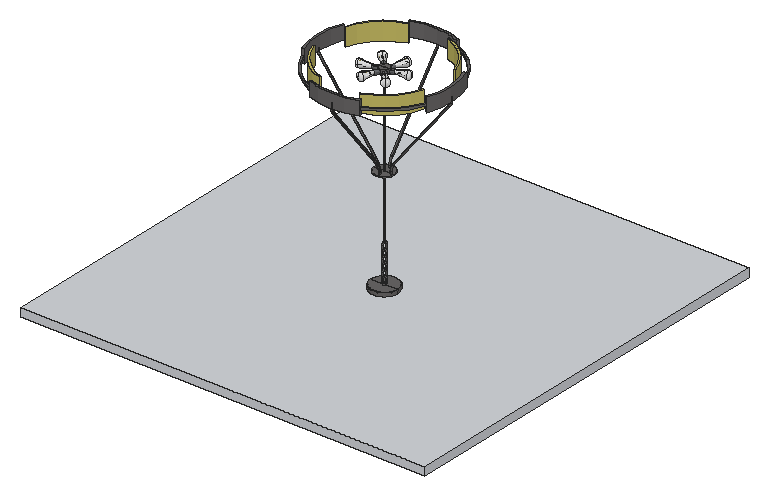
Revit family "P500331-031", category Lighting Fixtures, host Face, Revit 2021
Family settings
  Host = Face
  Round Connector Dimension = Use Diameter
  Part Type = Normal
  OmniClass Number = 23.80.70.11.14.17
  OmniClass Title = Direct/Indirect
  Cut with Voids When Loaded = No
  Light Source = No
  Shared = Yes
  Room Calculation Point = No
Parameters (values of type "P500331-031")
  Wood = Hubbell - Oak
  Watts = 60 W
  Wattage Comments = "60W"
  Warranty = "1 year Warranty"  # constant formula
  Voltage = 120 V
  URL = "https://www.hubbell.com/progresslighting/en"
  Product Link = "https://www.hubbell.com/progresslighting/en/Products/Lighting-Controls/Design-Series/Pendants/Lowery-Collection-Six-Light-Textured-BlackDistressed-Gold-Hanging-Pendant-Light/p/6643574"
  Product Documentation Link = "https://hubbellcdn.com/specsheet/PROG_P500331-031_spec.pdf"
  Power Factor = 1
  Model = "P500331-031"  # constant formula
  Manufacturer = "Progress Lighting"  # constant formula
  Load Classification = Lighting
  Gold = Hubbell - Gold
  Glass = Paint - Hubbell - White Texture
  Lamp = "LED/CFL/incandescent"  # constant formula
  Housing Material = Paint - Hubbell - Textured Camera Black
  Fixture distribution = "Direct"  # constant formula
  Features = "Application: Raise the bar on contemporary design with the Lowery Collection 6-Light Black/Distressed Gold Modern Hanging Pendant Light is ideal for any foyer, dining room, kitchen, breakfast nook, entryway, living room, or sitting room.\r\nStyles: Perfect for contemporary and modern style settings.\r\nFinish: Layered rectangular shields coated in a textured black iron finish are artistically combined with distressed gold leaf panels against a black frame.\r\nMaterials: Constructed from steel to ensure a long product lifespan.\r\nGlass/Shades: Light sources glowing from inside the structure cast a shimmering reflective light that highlights the beautiful contrast between light and dark.\r\nBulbs: For ideal illumination, use 6 medium base bulbs that are sold separately (60w max - LED/CFL/incandescent). Compatible with dimmable bulbs.\r\nDimensions: Measures 31-3/4-inch diameter by 23-3/4-inch height.\r\nCertifications: cULus dry location listed.\r\nPairs With: Pairs with the Adagio, Orrizo, and Rae collections from Progress Lighting.\r\nWarranty: Our 1-Year Limited Warranty guarantees your complete satisfaction with your purchase and includes professional after-sales customer service support."  # constant formula
  Description = "Lowery Collection Six-Light Textured Black/Distressed Gold Hanging Pendant Light"  # constant formula
  Default Elevation = 48.00"
  Copyright = " ©2021 Progress Lighting, a division of Hubbell Lighting, Inc"  # constant formula
  Contact = "https://www.hubbell.com/progresslighting/en/contactUs"
  Connector Description = "Lighting Connector"  # constant formula
  Assembly Code = "D5020200"
  Apparent Load = Watts / Power Factor  # 60 VA
Reference planes (in)
  plane 1 "Center (Front/Back)": y = 0
  plane 2: z = 0
  plane 3 "Center (Left/Right)": x = 0
  plane 4: z = 10.50759
  plane 5: z = 7
  plane 6: z = 48.82477
  plane 7: z = 28.82477
  plane 8: x = 15.88
  plane 9: x = -15.88
  plane 10: y = 15.88
  plane 11: y = -15.88
  plane 12: z = 24.82477
Forms (in)
  Extrusion 1, solid
    sketch origin (0, 0, 0) x (1, 0, 0) y (0, 1, 0)
      loop
        line (-48, 48) -> (-48, -48) -> (48, -48) -> (48, 48) -> (-48, 48)
    from 0 to -2
  Revolve 2, solid, material "Paint - Hubbell - Textured Camera Black" <- "Housing Material"
    sketch origin (0, 0, 0) x (1, 0, 0) y (0, 0, 1)
      loop
        line (0, 0) -> (3.25, 0) -> (3.25, 0.75) -> (3.15389, 0.75) -> (3.15389, 0.83366) -> (0.3208, 0.83366) -> (0.3208, 1.08366) -> (0, 1.08366) -> (0, 0)
      loop
        line (0.1333, 9.7335) -> (0.1333, 24.84381) -> (2.3833, 24.84381) -> (2.3833, 24.99381) -> (0.1333, 24.99381) -> (0.1333, 30.5) -> (0.1333, 46.04564) -> (1.27958, 46.04564) -> (1.34959, 46.04564) -> (1.34959, 46.1435) -> (1.27958, 46.1435) -> (1.27958, 47) -> (0.1333, 47) -> (0, 47) -> (0, 9.7335) -> (0.1333, 9.7335)
      axis (0, 47) -> (0, 0)
    angle from 0 to 360
  Sweep 3, solid, material "Paint - Hubbell - Textured Camera Black" <- "Housing Material"
    path origin (0, 0.25, 0) x (0, -1, 0) y (0, 0, 1)
      loop
        line (15.875, 47) -> (15.875, 45.00039)
        arc (15.875, 45.00039) -> (15.8069, 44.59343) -> (15.61001, 44.23082) r 1.25
        line (15.61001, 44.23082) -> (2.23143, 27.10701)
        arc (2.23143, 27.10701) -> (1.81287, 26.33612) -> (1.66809, 25.47097) r 2.65736
        line (1.66809, 25.47097) -> (1.66809, 24.25091)
    profile origin (0, -15.625, 46.0002) x (-1, 0, 0) y (0, -1, 0)
      loop
        circle (0, 0) r 0.15
  Revolve 4, solid, material "Paint - Hubbell - White Texture"
    sketch origin (-1.59357, -4.84478, 46.6655) x (-0.005393, -0.016598, -0.999848) y (-0.30897, -0.950912, 0.017452)
      loop
        line (0, -7.43773) -> (0, -10.88567)
        spline (0, -10.88567) -> (0.23268, -10.84139) -> (0.40729, -10.80851) -> (0.53541, -10.78211) -> (0.62864, -10.75725) -> (0.69856, -10.72901) -> (0.75513, -10.69321) -> (0.80225, -10.64855) -> (0.84239, -10.59435) -> (0.87804, -10.5299) -> (0.90917, -10.45074) -> (0.93134, -10.3457) -> (0.93968, -10.20295)
        line (0.93968, -10.20295) -> (0.40218, -7.43773) -> (0, -7.43773)
      axis (0, -10.88567) -> (0, -7.43773)
    angle from 0 to 360
  Revolve 5, solid, material "Paint - Hubbell - White Texture" <- "Glass"
    sketch origin (-1.59357, -4.84478, 46.6655) x (-0.005393, -0.016598, -0.999848) y (-0.30897, -0.950912, 0.017452)
      loop
        line (0, -7.43773) -> (-0.14062, -7.43773) -> (-0.14062, -7.68773) -> (-0.3174, -7.86451) -> (-0.3174, -8.11451) -> (-0.0674, -8.11451) -> (-0.0674, -10.36451) -> (-0.0674, -10.55091)
        arc (-0.0674, -10.55091) -> (-0.07712, -10.57767) -> (-0.10174, -10.59197) r 0.04171
        arc (-0.10174, -10.59197) -> (-0.13207, -10.62395) -> (-0.11058, -10.66244) r 0.0372
        line (-0.11058, -10.66244) -> (0, -10.66244) -> (0, -10.56087) -> (0, -7.43773)
      axis (0, -7.43773) -> (0, -10.66244)
    angle from 0 to 360
  Revolve 6, solid, material "Hubbell - Gold" <- "Gold"
    sketch origin (-1.59357, -4.84478, 46.6655) x (-0.005393, -0.016598, -0.999848) y (-0.30897, -0.950912, 0.017452)
      loop
        line (-0.47346, -8.28115) -> (-0.51834, -8.28115) -> (-0.66547, -10.3852) -> (-0.62059, -10.3852) -> (-0.47346, -8.28115)
      axis (-0.62081, -10.38832) -> (-0.47346, -8.28115)
    angle from 0 to 360
  Revolve 7, solid, material "Hubbell - Gold" <- "Gold"
    sketch origin (-1.59357, -4.84478, 46.6655) x (0.005393, 0.016598, 0.999848) y (0.30897, 0.950912, -0.017452)
      loop
        line (-0.47346, 8.28115) -> (-0.62235, 10.41041) -> (-0.66723, 10.41041) -> (-0.51834, 8.28115) -> (-0.47346, 8.28115)
      axis (-0.62257, 10.41353) -> (-0.47346, 8.28115)
    angle from 0 to 360
  Sweep 8, solid, material "Paint - Hubbell - White Texture" <- "Glass"
    path origin (-1.74814, -5.32051, 46.65765) x (-0.005393, -0.016598, -0.999848) y (-0.30897, -0.950912, 0.017452)
      loop
        line (0.61067, -10.88516) -> (0.61067, -10.98257)
        arc (0.61067, -10.98257) -> (0.57513, -11.06837) -> (0.48933, -11.10391) r 0.12134
        line (0.48933, -11.10391) -> (0.04812, -11.10391)
    profile origin (1.6268, 5.0665, 45.85625) x (-0.005393, -0.016598, -0.999848) y (-0.951057, 0.309017, 0)
      loop
        circle (0, 0.00095) r 0.031
  Sweep 9, solid, material "Paint - Hubbell - White Texture" <- "Glass"
    path origin (-1.74796, -5.31996, 46.69079) x (0.005393, 0.016598, 0.999848) y (0.30897, 0.950912, -0.017452)
      loop
        line (0.61067, 10.88516) -> (0.61067, 10.98257)
        arc (0.61067, 10.98257) -> (0.57513, 11.06837) -> (0.48933, 11.10391) r 0.12134
        line (0.48933, 11.10391) -> (0.04812, 11.10391)
    profile origin (1.63357, 5.08732, 47.11055) x (-0.005393, -0.016598, -0.999848) y (-0.951057, 0.309017, 0)
      loop
        circle (0, 0.00095) r 0.031
  Sweep 10, solid, material "Paint - Hubbell - White Texture" <- "Glass"
    path origin (-1.76472, -5.31483, 46.67327) x (-0.951057, 0.309017, 0) y (-0.30897, -0.950912, 0.017452)
      loop
        line (0.61067, -10.88516) -> (0.61067, -10.98257)
        arc (0.61067, -10.98257) -> (0.57513, -11.06837) -> (0.48933, -11.10391) r 0.12134
        line (0.48933, -11.10391) -> (0.04812, -11.10391)
    profile origin (1.03273, 5.27102, 46.48245) x (-0.951057, 0.309017, 0) y (0.005393, 0.016598, 0.999848)
      loop
        circle (0, 0.00095) r 0.031
  Sweep 11, solid, material "Paint - Hubbell - White Texture" <- "Glass"
    path origin (-1.7332, -5.32508, 46.67327) x (0.951057, -0.309017, 0) y (0.30897, 0.950912, -0.017452)
      loop
        line (0.61067, 10.88516) -> (0.61067, 10.98257)
        arc (0.61067, 10.98257) -> (0.57513, 11.06837) -> (0.48933, 11.10391) r 0.12134
        line (0.48933, 11.10391) -> (0.04812, 11.10391)
    profile origin (2.22582, 4.88336, 46.48245) x (-0.951057, 0.309017, 0) y (0.005393, 0.016598, 0.999848)
      loop
        circle (0, 0.00095) r 0.031
  Sweep 12, solid, material "Paint - Hubbell - White Texture" <- "Glass"
    path origin (4.34915, 13.44503, 46.31324) x (-0.005393, -0.016598, -0.999848) y (-0.30897, -0.950912, 0.017452)
      loop
        line (0.45442, 10.88516) -> (0.45442, 10.98257)
        arc (0.45442, 10.98257) -> (0.41888, 11.06837) -> (0.33308, 11.10391) r 0.12134
        line (0.33308, 11.10391) -> (0.04812, 11.10391)
    profile origin (0.96846, 3.04034, 46.04971) x (0.005393, 0.016598, 0.999848) y (-0.951057, 0.309017, 0)
      loop
        circle (0, 0.00095) r 0.031
  Sweep 13, solid, material "Paint - Hubbell - White Texture" <- "Glass"
    path origin (4.34933, 13.44558, 46.34638) x (0.005393, 0.016598, 0.999848) y (0.30897, 0.950912, -0.017452)
      loop
        line (0.45442, -10.88516) -> (0.45442, -10.98257)
        arc (0.45442, -10.98257) -> (0.41888, -11.06837) -> (0.33308, -11.10391) r 0.12134
        line (0.33308, -11.10391) -> (0.04812, -11.10391)
    profile origin (0.97354, 3.05598, 46.99156) x (0.005393, 0.016598, 0.999848) y (-0.951057, 0.309017, 0)
      loop
        circle (0, 0.00095) r 0.031
  Sweep 14, solid, material "Paint - Hubbell - White Texture" <- "Glass"
    path origin (4.33257, 13.4507, 46.32886) x (-0.951057, 0.309017, 0) y (-0.30897, -0.950912, 0.017452)
      loop
        line (0.45442, 10.88516) -> (0.45442, 10.98257)
        arc (0.45442, 10.98257) -> (0.41888, 11.06837) -> (0.33308, 11.10391) r 0.12134
        line (0.33308, 11.10391) -> (0.04812, 11.10391)
    profile origin (0.52216, 3.19398, 46.51969) x (0.951057, -0.309017, 0) y (0.005393, 0.016598, 0.999848)
      loop
        circle (0, 0.00095) r 0.031
  Sweep 15, solid, material "Paint - Hubbell - White Texture" <- "Glass"
    path origin (4.36409, 13.44046, 46.32886) x (0.951057, -0.309017, 0) y (0.30897, 0.950912, -0.017452)
      loop
        line (0.45442, -10.88516) -> (0.45442, -10.98257)
        arc (0.45442, -10.98257) -> (0.41888, -11.06837) -> (0.33308, -11.10391) r 0.12134
        line (0.33308, -11.10391) -> (0.04812, -11.10391)
    profile origin (1.41804, 2.90289, 46.51969) x (0.951057, -0.309017, 0) y (0.005393, 0.016598, 0.999848)
      loop
        circle (0, 0.00095) r 0.031
  Revolve 16, solid, material "Hubbell - Gold" <- "Gold"
    sketch origin (-1.5917, -4.84542, 46.66352) x (-0.951057, 0.309017, 0) y (-0.30897, -0.950912, 0.017452)
      loop
        line (-0.47346, -8.28115) -> (-0.51834, -8.28115) -> (-0.66489, -10.37691) -> (-0.62001, -10.37691) -> (-0.47346, -8.28115)
      axis (-0.62023, -10.38004) -> (-0.47346, -8.28115)
    angle from 0 to 360
  Revolve 17, solid, material "Hubbell - Gold" <- "Gold"
    sketch origin (-1.5917, -4.84542, 46.66352) x (0.951057, -0.309017, 0) y (0.30897, 0.950912, -0.017452)
      loop
        line (-0.47346, 8.28115) -> (-0.62235, 10.41041) -> (-0.66723, 10.41041) -> (-0.51834, 8.28115) -> (-0.47346, 8.28115)
      axis (-0.62257, 10.41353) -> (-0.47346, 8.28115)
    angle from 0 to 360
  Revolve 18, solid, material "Hubbell - Galvanized"
    sketch origin (0, 0, 0) x (0.309017, 0.951057, 0) y (0, 0, 1)
      loop
        line (1.22826, 46.5252) -> (1.22826, 46.13457) -> (2.35245, 46.13457) -> (2.35245, 46.5252) -> (1.22826, 46.5252)
      axis (1.22826, 46.5252) -> (2.35245, 46.5252)
    angle from 0 to 360
  Revolve 19, solid, material "Paint - Hubbell - Textured Camera Black" <- "Housing Material"
    sketch origin (0, 0, 0) x (1, 0, 0) y (0, 0, 1)
      loop
        line (15.58438, 47) -> (15.58438, 46.5) -> (15.88, 46.5) -> (15.88, 47) -> (15.58438, 47)
      axis (0, 47) -> (0, 46.5)
    angle from 0 to 360
  Revolve 20, solid, material "Paint - Hubbell - Textured Camera Black" <- "Housing Material"
    sketch origin (-0.125, 0.25, 0) x (-0.5, 0.866025, 0) y (0, 0, 1)
      loop
        line (15.19102, 48.43237) -> (15.19102, 45.19846) -> (15.69102, 45.19846) -> (15.69102, 48.43237) -> (15.19102, 48.43237)
      axis (0, 48.43237) -> (0, 45.19846)
    angle from -8.557 to -53
  Revolve 21, solid, material "Hubbell - Gold" <- "Gold"
    sketch origin (0.69961, 0.8838, 0) x (0.990268, -0.139173, 0) y (0, 0, 1)
      loop
        line (13.10352, 44.71568) -> (13.10352, 48.91915) -> (12.72435, 48.91915) -> (12.72435, 44.71568) -> (13.10352, 44.71568)
      axis (0, 48.91915) -> (0, 44.71568)
    angle from 80 to 25
  Sweep 22, solid, material "Paint - Hubbell - Textured Camera Black" <- "Housing Material"
    path origin (0, 0, -0.3125) x (1, 0, 0) y (0, 0, 1)
      loop
        line (-0.25347, 1.36198) -> (0.12962, 1.36198)
        arc (0.12962, 1.36198) -> (0.38906, 1.46945) -> (0.49653, 1.7289) r 0.36692
        line (0.49653, 1.7289) -> (0.49653, 2.62981)
        arc (0.49653, 2.62981) -> (0.39824, 2.86711) -> (0.16095, 2.9654) r 0.33559
        line (0.16095, 2.9654) -> (-0.25347, 2.9654)
        arc (-0.25347, 2.9654) -> (-0.43024, 2.89218) -> (-0.50347, 2.7154) r 0.25
        line (-0.50347, 2.7154) -> (-0.50347, 1.61198)
        arc (-0.50347, 1.61198) -> (-0.43024, 1.4352) -> (-0.25347, 1.36198) r 0.25
    profile origin (-0.06193, 0, 1.04948) x (0, 0, 1) y (0, -1, 0)
      loop
        circle (0, 0) r 0.1
  Sweep 23, solid, material "Paint - Hubbell - Textured Camera Black" <- "Housing Material"
    path origin (-0.00347, -0.00347, 1.0625) x (0, -1, 0) y (0, 0, 1)
      loop
        line (-0.25347, 1.36198) -> (0.12962, 1.36198)
        arc (0.12962, 1.36198) -> (0.38906, 1.46945) -> (0.49653, 1.7289) r 0.36692
        line (0.49653, 1.7289) -> (0.49653, 2.62981)
        arc (0.49653, 2.62981) -> (0.39824, 2.86711) -> (0.16095, 2.9654) r 0.33559
        line (0.16095, 2.9654) -> (-0.25347, 2.9654)
        arc (-0.25347, 2.9654) -> (-0.43024, 2.89218) -> (-0.50347, 2.7154) r 0.25
        line (-0.50347, 2.7154) -> (-0.50347, 1.61198)
        arc (-0.50347, 1.61198) -> (-0.43024, 1.4352) -> (-0.25347, 1.36198) r 0.25
    profile origin (-0.00347, 0.05846, 2.42448) x (0, 0, 1) y (-1, 0, 0)
      loop
        circle (0, 0) r 0.1
  Sweep 24, solid, material "Paint - Hubbell - Textured Camera Black" <- "Housing Material"
    path origin (0, 0, 2.51652) x (1, 0, 0) y (0, 0, 1)
      loop
        line (-0.25347, 1.36198) -> (0.12962, 1.36198)
        arc (0.12962, 1.36198) -> (0.38906, 1.46945) -> (0.49653, 1.7289) r 0.36692
        line (0.49653, 1.7289) -> (0.49653, 2.62981)
        arc (0.49653, 2.62981) -> (0.39824, 2.86711) -> (0.16095, 2.9654) r 0.33559
        line (0.16095, 2.9654) -> (-0.25347, 2.9654)
        arc (-0.25347, 2.9654) -> (-0.43024, 2.89218) -> (-0.50347, 2.7154) r 0.25
        line (-0.50347, 2.7154) -> (-0.50347, 1.61198)
        arc (-0.50347, 1.61198) -> (-0.43024, 1.4352) -> (-0.25347, 1.36198) r 0.25
    profile origin (-0.06193, 0, 3.8785) x (0, 0, 1) y (0, -1, 0)
      loop
        circle (0, 0) r 0.1
  Sweep 25, solid, material "Paint - Hubbell - Textured Camera Black" <- "Housing Material"
    path origin (-0.00347, -0.00347, 3.89152) x (0, -1, 0) y (0, 0, 1)
      loop
        line (-0.25347, 1.36198) -> (0.12962, 1.36198)
        arc (0.12962, 1.36198) -> (0.38906, 1.46945) -> (0.49653, 1.7289) r 0.36692
        line (0.49653, 1.7289) -> (0.49653, 2.62981)
        arc (0.49653, 2.62981) -> (0.39824, 2.86711) -> (0.16095, 2.9654) r 0.33559
        line (0.16095, 2.9654) -> (-0.25347, 2.9654)
        arc (-0.25347, 2.9654) -> (-0.43024, 2.89218) -> (-0.50347, 2.7154) r 0.25
        line (-0.50347, 2.7154) -> (-0.50347, 1.61198)
        arc (-0.50347, 1.61198) -> (-0.43024, 1.4352) -> (-0.25347, 1.36198) r 0.25
    profile origin (-0.00347, 0.05846, 5.2535) x (0, 0, 1) y (-1, 0, 0)
      loop
        circle (0, 0) r 0.1
  Sweep 26, solid, material "Paint - Hubbell - Textured Camera Black" <- "Housing Material"
    path origin (0, 0, 5.3829) x (1, 0, 0) y (0, 0, 1)
      loop
        line (-0.25347, 1.36198) -> (0.12962, 1.36198)
        arc (0.12962, 1.36198) -> (0.38906, 1.46945) -> (0.49653, 1.7289) r 0.36692
        line (0.49653, 1.7289) -> (0.49653, 2.62981)
        arc (0.49653, 2.62981) -> (0.39824, 2.86711) -> (0.16095, 2.9654) r 0.33559
        line (0.16095, 2.9654) -> (-0.25347, 2.9654)
        arc (-0.25347, 2.9654) -> (-0.43024, 2.89218) -> (-0.50347, 2.7154) r 0.25
        line (-0.50347, 2.7154) -> (-0.50347, 1.61198)
        arc (-0.50347, 1.61198) -> (-0.43024, 1.4352) -> (-0.25347, 1.36198) r 0.25
    profile origin (-0.06193, 0, 6.74488) x (0, 0, 1) y (0, -1, 0)
      loop
        circle (0, 0) r 0.1
  Sweep 27, solid, material "Paint - Hubbell - Textured Camera Black" <- "Housing Material"
    path origin (-0.00347, -0.00347, 6.7579) x (0, -1, 0) y (0, 0, 1)
      loop
        line (-0.25347, 1.36198) -> (0.12962, 1.36198)
        arc (0.12962, 1.36198) -> (0.38906, 1.46945) -> (0.49653, 1.7289) r 0.36692
        line (0.49653, 1.7289) -> (0.49653, 2.62981)
        arc (0.49653, 2.62981) -> (0.39824, 2.86711) -> (0.16095, 2.9654) r 0.33559
        line (0.16095, 2.9654) -> (-0.25347, 2.9654)
        arc (-0.25347, 2.9654) -> (-0.43024, 2.89218) -> (-0.50347, 2.7154) r 0.25
        line (-0.50347, 2.7154) -> (-0.50347, 1.61198)
        arc (-0.50347, 1.61198) -> (-0.43024, 1.4352) -> (-0.25347, 1.36198) r 0.25
    profile origin (-0.00347, 0.05846, 8.11988) x (0, 0, 1) y (-1, 0, 0)
      loop
        circle (0, 0) r 0.1
  Revolve 28, solid, material "Paint - Hubbell - Textured Camera Black" <- "Housing Material"
    sketch origin (-0.125, -0.25, 0) x (-0.5, -0.866025, 0) y (0, 0, -1)
      loop
        line (15.19102, -48.43237) -> (15.69102, -48.43237) -> (15.69102, -45.19846) -> (15.19102, -45.19846) -> (15.19102, -48.43237)
      axis (0, -48.43237) -> (0, -45.19846)
    angle from -8.557 to -53
  Revolve 29, solid, material "Paint - Hubbell - Textured Camera Black" <- "Housing Material"
    sketch origin (-0.17758, -0.19742, 0) x (-0.866025, -0.5, 0) y (0, 0, 1)
      loop
        line (15.19102, 48.43237) -> (15.19102, 45.19846) -> (15.69102, 45.19846) -> (15.69102, 48.43237) -> (15.19102, 48.43237)
      axis (0, 48.43237) -> (0, 45.19846)
    angle from -8.557 to -53
  Revolve 30, solid, material "Paint - Hubbell - Textured Camera Black" <- "Housing Material"
    sketch origin (0.32242, -0.19742, 0) x (0.866025, -0.5, 0) y (0, 0, -1)
      loop
        line (15.19102, -48.43237) -> (15.69102, -48.43237) -> (15.69102, -45.19846) -> (15.19102, -45.19846) -> (15.19102, -48.43237)
      axis (0, -48.43237) -> (0, -45.19846)
    angle from -8.557 to -53
  Revolve 31, solid, material "Hubbell - Gold" <- "Gold"
    sketch origin (-0.69961, 0.8838, 0) x (-0.990268, -0.139173, 0) y (0, 0, -1)
      loop
        line (13.10352, -44.71568) -> (12.72435, -44.71568) -> (12.72435, -48.91915) -> (13.10352, -48.91915) -> (13.10352, -44.71568)
      axis (0, -48.91915) -> (0, -44.71568)
    angle from 80 to 25
  Revolve 32, solid, material "Hubbell - Gold" <- "Gold"
    sketch origin (0.69961, -0.8838, 0) x (0.990268, 0.139173, 0) y (0, 0, -1)
      loop
        line (13.10352, -44.71568) -> (12.72435, -44.71568) -> (12.72435, -48.91915) -> (13.10352, -48.91915) -> (13.10352, -44.71568)
      axis (0, -48.91915) -> (0, -44.71568)
    angle from 80 to 25
  Revolve 33, solid, material "Hubbell - Gold" <- "Gold"
    sketch origin (-0.69961, -0.8838, 0) x (-0.990268, 0.139173, 0) y (0, 0, 1)
      loop
        line (13.10352, 44.71568) -> (13.10352, 48.91915) -> (12.72435, 48.91915) -> (12.72435, 44.71568) -> (13.10352, 44.71568)
      axis (0, 48.91915) -> (0, 44.71568)
    angle from 80 to 25
  Sweep 34, solid, material "Paint - Hubbell - Textured Camera Black" <- "Housing Material"
    path origin (0, -0.0625, 0) x (0, 1, 0) y (0, 0, -1)
      loop
        line (15.875, -47) -> (15.875, -45.00039)
        arc (15.875, -45.00039) -> (15.8069, -44.59343) -> (15.61001, -44.23082) r 1.25
        line (15.61001, -44.23082) -> (2.23143, -27.10701)
        arc (2.23143, -27.10701) -> (1.81287, -26.33612) -> (1.66809, -25.47097) r 2.65736
        line (1.66809, -25.47097) -> (1.66809, -24.25091)
    profile origin (0, 15.8125, 46.0002) x (-1, 0, 0) y (0, -1, 0)
      loop
        circle (0, 0) r 0.15
  Sweep 35, solid, material "Paint - Hubbell - Textured Camera Black" <- "Housing Material"
    path origin (0.125, 0, 0) x (-1, 0, 0) y (0, 0, 1)
      loop
        line (15.875, 47) -> (15.875, 45.00039)
        arc (15.875, 45.00039) -> (15.8069, 44.59343) -> (15.61001, 44.23082) r 1.25
        line (15.61001, 44.23082) -> (2.23143, 27.10701)
        arc (2.23143, 27.10701) -> (1.81287, 26.33612) -> (1.66809, 25.47097) r 2.65736
        line (1.66809, 25.47097) -> (1.66809, 24.25091)
    profile origin (-15.75, 0, 46.0002) x (0, 1, 0) y (-1, 0, 0)
      loop
        circle (0, 0) r 0.15
  Sweep 36, solid, material "Paint - Hubbell - Textured Camera Black" <- "Housing Material"
    path origin (-0.0625, 0, 0) x (1, 0, 0) y (0, 0, -1)
      loop
        line (15.875, -47) -> (15.875, -45.00039)
        arc (15.875, -45.00039) -> (15.8069, -44.59343) -> (15.61001, -44.23082) r 1.25
        line (15.61001, -44.23082) -> (2.23143, -27.10701)
        arc (2.23143, -27.10701) -> (1.81287, -26.33612) -> (1.66809, -25.47097) r 2.65736
        line (1.66809, -25.47097) -> (1.66809, -24.25091)
    profile origin (15.8125, 0, 46.0002) x (0, 1, 0) y (-1, 0, 0)
      loop
        circle (0, 0) r 0.15
  Revolve 37, solid, material "Paint - Hubbell - White Texture"
    sketch origin (-4.99248, -1.04232, 46.6655) x (-0.017071, -0.003629, -0.999848) y (-0.977999, -0.20788, 0.017452)
      loop
        line (0, -7.43773) -> (0, -10.88567)
        spline (0, -10.88567) -> (0.23268, -10.84139) -> (0.40729, -10.80851) -> (0.53541, -10.78211) -> (0.62864, -10.75725) -> (0.69856, -10.72901) -> (0.75513, -10.69321) -> (0.80225, -10.64855) -> (0.84239, -10.59435) -> (0.87804, -10.5299) -> (0.90917, -10.45074) -> (0.93134, -10.3457) -> (0.93968, -10.20295)
        line (0.93968, -10.20295) -> (0.40218, -7.43773) -> (0, -7.43773)
      axis (0, -10.88567) -> (0, -7.43773)
    angle from 0 to 360
  Revolve 38, solid, material "Paint - Hubbell - White Texture" <- "Glass"
    sketch origin (-4.99248, -1.04232, 46.6655) x (-0.017071, -0.003629, -0.999848) y (-0.977999, -0.20788, 0.017452)
      loop
        line (0, -7.43773) -> (-0.14062, -7.43773) -> (-0.14062, -7.68773) -> (-0.3174, -7.86451) -> (-0.3174, -8.11451) -> (-0.0674, -8.11451) -> (-0.0674, -10.36451) -> (-0.0674, -10.55091)
        arc (-0.0674, -10.55091) -> (-0.07712, -10.57767) -> (-0.10174, -10.59197) r 0.04171
        arc (-0.10174, -10.59197) -> (-0.13207, -10.62395) -> (-0.11058, -10.66244) r 0.0372
        line (-0.11058, -10.66244) -> (0, -10.66244) -> (0, -10.56087) -> (0, -7.43773)
      axis (0, -7.43773) -> (0, -10.66244)
    angle from 0 to 360
  Revolve 39, solid, material "Hubbell - Gold" <- "Gold"
    sketch origin (-4.99248, -1.04232, 46.6655) x (-0.017071, -0.003629, -0.999848) y (-0.977999, -0.20788, 0.017452)
      loop
        line (-0.47346, -8.28115) -> (-0.51834, -8.28115) -> (-0.66547, -10.3852) -> (-0.62059, -10.3852) -> (-0.47346, -8.28115)
      axis (-0.62081, -10.38832) -> (-0.47346, -8.28115)
    angle from 0 to 360
  Revolve 40, solid, material "Hubbell - Gold" <- "Gold"
    sketch origin (-4.99248, -1.04232, 46.6655) x (0.017071, 0.003629, 0.999848) y (0.977999, 0.20788, -0.017452)
      loop
        line (-0.47346, 8.28115) -> (-0.62235, 10.41041) -> (-0.66723, 10.41041) -> (-0.51834, 8.28115) -> (-0.47346, 8.28115)
      axis (-0.62257, 10.41353) -> (-0.47346, 8.28115)
    angle from 0 to 360
  Sweep 41, solid, material "Paint - Hubbell - White Texture" <- "Glass"
    path origin (-5.48176, -1.14632, 46.65765) x (-0.017071, -0.003629, -0.999848) y (-0.977999, -0.20788, 0.017452)
      loop
        line (0.61067, -10.88516) -> (0.61067, -10.98257)
        arc (0.61067, -10.98257) -> (0.57513, -11.06837) -> (0.48933, -11.10391) r 0.12134
        line (0.48933, -11.10391) -> (0.04812, -11.10391)
    profile origin (5.20112, 1.1244, 45.85625) x (-0.017071, -0.003629, -0.999848) y (-0.207912, 0.978148, 0)
      loop
        circle (0, 0.00095) r 0.031
  Sweep 42, solid, material "Paint - Hubbell - White Texture" <- "Glass"
    path origin (-5.4812, -1.1462, 46.69079) x (0.017071, 0.003629, 0.999848) y (0.977999, 0.20788, -0.017452)
      loop
        line (0.61067, 10.88516) -> (0.61067, 10.98257)
        arc (0.61067, 10.98257) -> (0.57513, 11.06837) -> (0.48933, 11.10391) r 0.12134
        line (0.48933, 11.10391) -> (0.04812, 11.10391)
    profile origin (5.22253, 1.12895, 47.11055) x (-0.017071, -0.003629, -0.999848) y (-0.207912, 0.978148, 0)
      loop
        circle (0, 0.00095) r 0.031
  Sweep 43, solid, material "Paint - Hubbell - White Texture" <- "Glass"
    path origin (-5.48514, -1.12912, 46.67327) x (-0.207912, 0.978148, 0) y (-0.977999, -0.20788, 0.017452)
      loop
        line (0.61067, -10.88516) -> (0.61067, -10.98257)
        arc (0.61067, -10.98257) -> (0.57513, -11.06837) -> (0.48933, -11.10391) r 0.12134
        line (0.48933, -11.10391) -> (0.04812, -11.10391)
    profile origin (5.0812, 1.74113, 46.48245) x (-0.207912, 0.978148, 0) y (0.017071, 0.003629, 0.999848)
      loop
        circle (0, 0.00095) r 0.031
  Sweep 44, solid, material "Paint - Hubbell - White Texture" <- "Glass"
    path origin (-5.47825, -1.16155, 46.67327) x (0.207912, -0.978148, 0) y (0.977999, 0.20788, -0.017452)
      loop
        line (0.61067, 10.88516) -> (0.61067, 10.98257)
        arc (0.61067, 10.98257) -> (0.57513, 11.06837) -> (0.48933, 11.10391) r 0.12134
        line (0.48933, 11.10391) -> (0.04812, 11.10391)
    profile origin (5.34202, 0.51406, 46.48245) x (-0.207912, 0.978148, 0) y (0.017071, 0.003629, 0.999848)
      loop
        circle (0, 0.00095) r 0.031
  Sweep 45, solid, material "Paint - Hubbell - White Texture" <- "Glass"
    path origin (13.81831, 2.95604, 46.31324) x (-0.017071, -0.003629, -0.999848) y (-0.977999, -0.20788, 0.017452)
      loop
        line (0.45442, 10.88516) -> (0.45442, 10.98257)
        arc (0.45442, 10.98257) -> (0.41888, 11.06837) -> (0.33308, 11.10391) r 0.12134
        line (0.33308, 11.10391) -> (0.04812, 11.10391)
    profile origin (3.11725, 0.68146, 46.04971) x (0.017071, 0.003629, 0.999848) y (-0.207912, 0.978148, 0)
      loop
        circle (0, 0.00095) r 0.031
  Sweep 46, solid, material "Paint - Hubbell - White Texture" <- "Glass"
    path origin (13.81887, 2.95616, 46.34638) x (0.017071, 0.003629, 0.999848) y (0.977999, 0.20788, -0.017452)
      loop
        line (0.45442, -10.88516) -> (0.45442, -10.98257)
        arc (0.45442, -10.98257) -> (0.41888, -11.06837) -> (0.33308, -11.10391) r 0.12134
        line (0.33308, -11.10391) -> (0.04812, -11.10391)
    profile origin (3.13333, 0.68487, 46.99156) x (0.017071, 0.003629, 0.999848) y (-0.207912, 0.978148, 0)
      loop
        circle (0, 0.00095) r 0.031
  Sweep 47, solid, material "Paint - Hubbell - White Texture" <- "Glass"
    path origin (13.81493, 2.97323, 46.32886) x (-0.207912, 0.978148, 0) y (-0.977999, -0.20788, 0.017452)
      loop
        line (0.45442, 10.88516) -> (0.45442, 10.98257)
        arc (0.45442, 10.98257) -> (0.41888, 11.06837) -> (0.33308, 11.10391) r 0.12134
        line (0.33308, 11.10391) -> (0.04812, 11.10391)
    profile origin (3.02715, 1.14479, 46.51969) x (0.207912, -0.978148, 0) y (0.017071, 0.003629, 0.999848)
      loop
        circle (0, 0.00095) r 0.031
  Sweep 48, solid, material "Paint - Hubbell - White Texture" <- "Glass"
    path origin (13.82182, 2.94081, 46.32886) x (0.207912, -0.978148, 0) y (0.977999, 0.20788, -0.017452)
      loop
        line (0.45442, -10.88516) -> (0.45442, -10.98257)
        arc (0.45442, -10.98257) -> (0.41888, -11.06837) -> (0.33308, -11.10391) r 0.12134
        line (0.33308, -11.10391) -> (0.04812, -11.10391)
    profile origin (3.223, 0.22339, 46.51969) x (0.207912, -0.978148, 0) y (0.017071, 0.003629, 0.999848)
      loop
        circle (0, 0.00095) r 0.031
  Revolve 49, solid, material "Hubbell - Gold" <- "Gold"
    sketch origin (-4.9921, -1.04426, 46.66352) x (-0.207912, 0.978148, 0) y (-0.977999, -0.20788, 0.017452)
      loop
        line (-0.47346, -8.28115) -> (-0.51834, -8.28115) -> (-0.66489, -10.37691) -> (-0.62001, -10.37691) -> (-0.47346, -8.28115)
      axis (-0.62023, -10.38004) -> (-0.47346, -8.28115)
    angle from 0 to 360
  Revolve 50, solid, material "Hubbell - Gold" <- "Gold"
    sketch origin (-4.9921, -1.04426, 46.66352) x (0.207912, -0.978148, 0) y (0.977999, 0.20788, -0.017452)
      loop
        line (-0.47346, 8.28115) -> (-0.62235, 10.41041) -> (-0.66723, 10.41041) -> (-0.51834, 8.28115) -> (-0.47346, 8.28115)
      axis (-0.62257, 10.41353) -> (-0.47346, 8.28115)
    angle from 0 to 360
  Revolve 51, solid, material "Hubbell - Galvanized"
    sketch origin (0, 0, 0) x (0.978148, 0.207912, 0) y (0, 0, 1)
      loop
        line (1.22826, 46.5252) -> (1.22826, 46.13457) -> (2.35245, 46.13457) -> (2.35245, 46.5252) -> (1.22826, 46.5252)
      axis (1.22826, 46.5252) -> (2.35245, 46.5252)
    angle from 0 to 360
  Revolve 52, solid, material "Paint - Hubbell - White Texture"
    sketch origin (-3.39892, 3.80246, 46.6655) x (-0.011678, 0.01297, -0.999848) y (-0.669029, 0.743032, 0.017452)
      loop
        line (0, -7.43773) -> (0, -10.88567)
        spline (0, -10.88567) -> (0.23268, -10.84139) -> (0.40729, -10.80851) -> (0.53541, -10.78211) -> (0.62864, -10.75725) -> (0.69856, -10.72901) -> (0.75513, -10.69321) -> (0.80225, -10.64855) -> (0.84239, -10.59435) -> (0.87804, -10.5299) -> (0.90917, -10.45074) -> (0.93134, -10.3457) -> (0.93968, -10.20295)
        line (0.93968, -10.20295) -> (0.40218, -7.43773) -> (0, -7.43773)
      axis (0, -10.88567) -> (0, -7.43773)
    angle from 0 to 360
  Revolve 53, solid, material "Paint - Hubbell - White Texture" <- "Glass"
    sketch origin (-3.39892, 3.80246, 46.6655) x (-0.011678, 0.01297, -0.999848) y (-0.669029, 0.743032, 0.017452)
      loop
        line (0, -7.43773) -> (-0.14062, -7.43773) -> (-0.14062, -7.68773) -> (-0.3174, -7.86451) -> (-0.3174, -8.11451) -> (-0.0674, -8.11451) -> (-0.0674, -10.36451) -> (-0.0674, -10.55091)
        arc (-0.0674, -10.55091) -> (-0.07712, -10.57767) -> (-0.10174, -10.59197) r 0.04171
        arc (-0.10174, -10.59197) -> (-0.13207, -10.62395) -> (-0.11058, -10.66244) r 0.0372
        line (-0.11058, -10.66244) -> (0, -10.66244) -> (0, -10.56087) -> (0, -7.43773)
      axis (0, -7.43773) -> (0, -10.66244)
    angle from 0 to 360
  Revolve 54, solid, material "Hubbell - Gold" <- "Gold"
    sketch origin (-3.39892, 3.80246, 46.6655) x (-0.011678, 0.01297, -0.999848) y (-0.669029, 0.743032, 0.017452)
      loop
        line (-0.47346, -8.28115) -> (-0.51834, -8.28115) -> (-0.66547, -10.3852) -> (-0.62059, -10.3852) -> (-0.47346, -8.28115)
      axis (-0.62081, -10.38832) -> (-0.47346, -8.28115)
    angle from 0 to 360
  Revolve 55, solid, material "Hubbell - Gold" <- "Gold"
    sketch origin (-3.39892, 3.80246, 46.6655) x (0.011678, -0.01297, 0.999848) y (0.669029, -0.743032, -0.017452)
      loop
        line (-0.47346, 8.28115) -> (-0.62235, 10.41041) -> (-0.66723, 10.41041) -> (-0.51834, 8.28115) -> (-0.47346, 8.28115)
      axis (-0.62257, 10.41353) -> (-0.47346, 8.28115)
    angle from 0 to 360
  Sweep 56, solid, material "Paint - Hubbell - White Texture" <- "Glass"
    path origin (-3.73362, 4.17419, 46.65765) x (-0.011678, 0.01297, -0.999848) y (-0.669029, 0.743032, 0.017452)
      loop
        line (0.61067, -10.88516) -> (0.61067, -10.98257)
        arc (0.61067, -10.98257) -> (0.57513, -11.06837) -> (0.48933, -11.10391) r 0.12134
        line (0.48933, -11.10391) -> (0.04812, -11.10391)
    profile origin (3.57432, -3.9421, 45.85625) x (-0.011678, 0.01297, -0.999848) y (0.743145, 0.669131, 0)
      loop
        circle (0, 0.00095) r 0.031
  Sweep 57, solid, material "Paint - Hubbell - White Texture" <- "Glass"
    path origin (-3.73324, 4.17376, 46.69079) x (0.011678, -0.01297, 0.999848) y (0.669029, -0.743032, -0.017452)
      loop
        line (0.61067, 10.88516) -> (0.61067, 10.98257)
        arc (0.61067, 10.98257) -> (0.57513, 11.06837) -> (0.48933, 11.10391) r 0.12134
        line (0.48933, 11.10391) -> (0.04812, 11.10391)
    profile origin (3.58897, -3.95837, 47.11055) x (-0.011678, 0.01297, -0.999848) y (0.743145, 0.669131, 0)
      loop
        circle (0, 0.00095) r 0.031
  Sweep 58, solid, material "Paint - Hubbell - White Texture" <- "Glass"
    path origin (-3.72042, 4.18571, 46.67327) x (0.743145, 0.669131, 0) y (-0.669029, 0.743032, 0.017452)
      loop
        line (0.61067, -10.88516) -> (0.61067, -10.98257)
        arc (0.61067, -10.98257) -> (0.57513, -11.06837) -> (0.48933, -11.10391) r 0.12134
        line (0.48933, -11.10391) -> (0.04812, -11.10391)
    profile origin (4.04847, -3.52988, 46.48245) x (0.743145, 0.669131, 0) y (0.011678, -0.01297, 0.999848)
      loop
        circle (0, 0.00095) r 0.031
  Sweep 59, solid, material "Paint - Hubbell - White Texture" <- "Glass"
    path origin (-3.74505, 4.16353, 46.67327) x (-0.743145, -0.669131, 0) y (0.669029, -0.743032, -0.017452)
      loop
        line (0.61067, 10.88516) -> (0.61067, 10.98257)
        arc (0.61067, 10.98257) -> (0.57513, 11.06837) -> (0.48933, 11.10391) r 0.12134
        line (0.48933, 11.10391) -> (0.04812, 11.10391)
    profile origin (3.1162, -4.3693, 46.48245) x (0.743145, 0.669131, 0) y (0.011678, -0.01297, 0.999848)
      loop
        circle (0, 0.00095) r 0.031
  Sweep 60, solid, material "Paint - Hubbell - White Texture" <- "Glass"
    path origin (9.46916, -10.48899, 46.31324) x (-0.011678, 0.01297, -0.999848) y (-0.669029, 0.743032, 0.017452)
      loop
        line (0.45442, 10.88516) -> (0.45442, 10.98257)
        arc (0.45442, 10.98257) -> (0.41888, 11.06837) -> (0.33308, 11.10391) r 0.12134
        line (0.33308, 11.10391) -> (0.04812, 11.10391)
    profile origin (2.14878, -2.35889, 46.04971) x (0.011678, -0.01297, 0.999848) y (0.743145, 0.669131, 0)
      loop
        circle (0, 0.00095) r 0.031
  Sweep 61, solid, material "Paint - Hubbell - White Texture" <- "Glass"
    path origin (9.46955, -10.48942, 46.34638) x (0.011678, -0.01297, 0.999848) y (0.669029, -0.743032, -0.017452)
      loop
        line (0.45442, -10.88516) -> (0.45442, -10.98257)
        arc (0.45442, -10.98257) -> (0.41888, -11.06837) -> (0.33308, -11.10391) r 0.12134
        line (0.33308, -11.10391) -> (0.04812, -11.10391)
    profile origin (2.15978, -2.3711, 46.99156) x (0.011678, -0.01297, 0.999848) y (0.743145, 0.669131, 0)
      loop
        circle (0, 0.00095) r 0.031
  Sweep 62, solid, material "Paint - Hubbell - White Texture" <- "Glass"
    path origin (9.48236, -10.47747, 46.32886) x (0.743145, 0.669131, 0) y (-0.669029, 0.743032, 0.017452)
      loop
        line (0.45442, 10.88516) -> (0.45442, 10.98257)
        arc (0.45442, 10.98257) -> (0.41888, 11.06837) -> (0.33308, 11.10391) r 0.12134
        line (0.33308, 11.10391) -> (0.04812, 11.10391)
    profile origin (2.50499, -2.04919, 46.51969) x (-0.743145, -0.669131, 0) y (0.011678, -0.01297, 0.999848)
      loop
        circle (0, 0.00095) r 0.031
  Sweep 63, solid, material "Paint - Hubbell - White Texture" <- "Glass"
    path origin (9.45773, -10.49965, 46.32886) x (-0.743145, -0.669131, 0) y (0.669029, -0.743032, -0.017452)
      loop
        line (0.45442, -10.88516) -> (0.45442, -10.98257)
        arc (0.45442, -10.98257) -> (0.41888, -11.06837) -> (0.33308, -11.10391) r 0.12134
        line (0.33308, -11.10391) -> (0.04812, -11.10391)
    profile origin (1.80496, -2.6795, 46.51969) x (-0.743145, -0.669131, 0) y (0.011678, -0.01297, 0.999848)
      loop
        circle (0, 0.00095) r 0.031
  Revolve 64, solid, material "Hubbell - Gold" <- "Gold"
    sketch origin (-3.40041, 3.80116, 46.66352) x (0.743145, 0.669131, 0) y (-0.669029, 0.743032, 0.017452)
      loop
        line (-0.47346, -8.28115) -> (-0.51834, -8.28115) -> (-0.66489, -10.37691) -> (-0.62001, -10.37691) -> (-0.47346, -8.28115)
      axis (-0.62023, -10.38004) -> (-0.47346, -8.28115)
    angle from 0 to 360
  Revolve 65, solid, material "Hubbell - Gold" <- "Gold"
    sketch origin (-3.40041, 3.80116, 46.66352) x (-0.743145, -0.669131, 0) y (0.669029, -0.743032, -0.017452)
      loop
        line (-0.47346, 8.28115) -> (-0.62235, 10.41041) -> (-0.66723, 10.41041) -> (-0.51834, 8.28115) -> (-0.47346, 8.28115)
      axis (-0.62257, 10.41353) -> (-0.47346, 8.28115)
    angle from 0 to 360
  Revolve 66, solid, material "Hubbell - Galvanized"
    sketch origin (0, 0, 0) x (0.669131, -0.743145, 0) y (0, 0, 1)
      loop
        line (1.22826, 46.5252) -> (1.22826, 46.13457) -> (2.35245, 46.13457) -> (2.35245, 46.5252) -> (1.22826, 46.5252)
      axis (1.22826, 46.5252) -> (2.35245, 46.5252)
    angle from 0 to 360
  Revolve 67, solid, material "Paint - Hubbell - White Texture"
    sketch origin (1.59357, 4.84478, 46.6655) x (0.005393, 0.016598, -0.999848) y (0.30897, 0.950912, 0.017452)
      loop
        line (0, -7.43773) -> (0, -10.88567)
        spline (0, -10.88567) -> (0.23268, -10.84139) -> (0.40729, -10.80851) -> (0.53541, -10.78211) -> (0.62864, -10.75725) -> (0.69856, -10.72901) -> (0.75513, -10.69321) -> (0.80225, -10.64855) -> (0.84239, -10.59435) -> (0.87804, -10.5299) -> (0.90917, -10.45074) -> (0.93134, -10.3457) -> (0.93968, -10.20295)
        line (0.93968, -10.20295) -> (0.40218, -7.43773) -> (0, -7.43773)
      axis (0, -10.88567) -> (0, -7.43773)
    angle from 0 to 360
  Revolve 68, solid, material "Paint - Hubbell - White Texture" <- "Glass"
    sketch origin (1.59357, 4.84478, 46.6655) x (0.005393, 0.016598, -0.999848) y (0.30897, 0.950912, 0.017452)
      loop
        line (0, -7.43773) -> (-0.14062, -7.43773) -> (-0.14062, -7.68773) -> (-0.3174, -7.86451) -> (-0.3174, -8.11451) -> (-0.0674, -8.11451) -> (-0.0674, -10.36451) -> (-0.0674, -10.55091)
        arc (-0.0674, -10.55091) -> (-0.07712, -10.57767) -> (-0.10174, -10.59197) r 0.04171
        arc (-0.10174, -10.59197) -> (-0.13207, -10.62395) -> (-0.11058, -10.66244) r 0.0372
        line (-0.11058, -10.66244) -> (0, -10.66244) -> (0, -10.56087) -> (0, -7.43773)
      axis (0, -7.43773) -> (0, -10.66244)
    angle from 0 to 360
  Revolve 69, solid, material "Hubbell - Gold" <- "Gold"
    sketch origin (1.59357, 4.84478, 46.6655) x (0.005393, 0.016598, -0.999848) y (0.30897, 0.950912, 0.017452)
      loop
        line (-0.47346, -8.28115) -> (-0.51834, -8.28115) -> (-0.66547, -10.3852) -> (-0.62059, -10.3852) -> (-0.47346, -8.28115)
      axis (-0.62081, -10.38832) -> (-0.47346, -8.28115)
    angle from 0 to 360
  Revolve 70, solid, material "Hubbell - Gold" <- "Gold"
    sketch origin (1.59357, 4.84478, 46.6655) x (-0.005393, -0.016598, 0.999848) y (-0.30897, -0.950912, -0.017452)
      loop
        line (-0.47346, 8.28115) -> (-0.62235, 10.41041) -> (-0.66723, 10.41041) -> (-0.51834, 8.28115) -> (-0.47346, 8.28115)
      axis (-0.62257, 10.41353) -> (-0.47346, 8.28115)
    angle from 0 to 360
  Sweep 71, solid, material "Paint - Hubbell - White Texture" <- "Glass"
    path origin (1.74814, 5.32051, 46.65765) x (0.005393, 0.016598, -0.999848) y (0.30897, 0.950912, 0.017452)
      loop
        line (0.61067, -10.88516) -> (0.61067, -10.98257)
        arc (0.61067, -10.98257) -> (0.57513, -11.06837) -> (0.48933, -11.10391) r 0.12134
        line (0.48933, -11.10391) -> (0.04812, -11.10391)
    profile origin (-1.6268, -5.0665, 45.85625) x (0.005393, 0.016598, -0.999848) y (0.951057, -0.309017, 0)
      loop
        circle (0, 0.00095) r 0.031
  Sweep 72, solid, material "Paint - Hubbell - White Texture" <- "Glass"
    path origin (1.74796, 5.31996, 46.69079) x (-0.005393, -0.016598, 0.999848) y (-0.30897, -0.950912, -0.017452)
      loop
        line (0.61067, 10.88516) -> (0.61067, 10.98257)
        arc (0.61067, 10.98257) -> (0.57513, 11.06837) -> (0.48933, 11.10391) r 0.12134
        line (0.48933, 11.10391) -> (0.04812, 11.10391)
    profile origin (-1.63357, -5.08732, 47.11055) x (0.005393, 0.016598, -0.999848) y (0.951057, -0.309017, 0)
      loop
        circle (0, 0.00095) r 0.031
  Sweep 73, solid, material "Paint - Hubbell - White Texture" <- "Glass"
    path origin (1.76472, 5.31483, 46.67327) x (0.951057, -0.309017, 0) y (0.30897, 0.950912, 0.017452)
      loop
        line (0.61067, -10.88516) -> (0.61067, -10.98257)
        arc (0.61067, -10.98257) -> (0.57513, -11.06837) -> (0.48933, -11.10391) r 0.12134
        line (0.48933, -11.10391) -> (0.04812, -11.10391)
    profile origin (-1.03273, -5.27102, 46.48245) x (0.951057, -0.309017, 0) y (-0.005393, -0.016598, 0.999848)
      loop
        circle (0, 0.00095) r 0.031
  Sweep 74, solid, material "Paint - Hubbell - White Texture" <- "Glass"
    path origin (1.7332, 5.32508, 46.67327) x (-0.951057, 0.309017, 0) y (-0.30897, -0.950912, -0.017452)
      loop
        line (0.61067, 10.88516) -> (0.61067, 10.98257)
        arc (0.61067, 10.98257) -> (0.57513, 11.06837) -> (0.48933, 11.10391) r 0.12134
        line (0.48933, 11.10391) -> (0.04812, 11.10391)
    profile origin (-2.22582, -4.88336, 46.48245) x (0.951057, -0.309017, 0) y (-0.005393, -0.016598, 0.999848)
      loop
        circle (0, 0.00095) r 0.031
  Sweep 75, solid, material "Paint - Hubbell - White Texture" <- "Glass"
    path origin (-4.34915, -13.44503, 46.31324) x (0.005393, 0.016598, -0.999848) y (0.30897, 0.950912, 0.017452)
      loop
        line (0.45442, 10.88516) -> (0.45442, 10.98257)
        arc (0.45442, 10.98257) -> (0.41888, 11.06837) -> (0.33308, 11.10391) r 0.12134
        line (0.33308, 11.10391) -> (0.04812, 11.10391)
    profile origin (-0.96846, -3.04034, 46.04971) x (-0.005393, -0.016598, 0.999848) y (0.951057, -0.309017, 0)
      loop
        circle (0, 0.00095) r 0.031
  Sweep 76, solid, material "Paint - Hubbell - White Texture" <- "Glass"
    path origin (-4.34933, -13.44558, 46.34638) x (-0.005393, -0.016598, 0.999848) y (-0.30897, -0.950912, -0.017452)
      loop
        line (0.45442, -10.88516) -> (0.45442, -10.98257)
        arc (0.45442, -10.98257) -> (0.41888, -11.06837) -> (0.33308, -11.10391) r 0.12134
        line (0.33308, -11.10391) -> (0.04812, -11.10391)
    profile origin (-0.97354, -3.05598, 46.99156) x (-0.005393, -0.016598, 0.999848) y (0.951057, -0.309017, 0)
      loop
        circle (0, 0.00095) r 0.031
  Sweep 77, solid, material "Paint - Hubbell - White Texture" <- "Glass"
    path origin (-4.33257, -13.4507, 46.32886) x (0.951057, -0.309017, 0) y (0.30897, 0.950912, 0.017452)
      loop
        line (0.45442, 10.88516) -> (0.45442, 10.98257)
        arc (0.45442, 10.98257) -> (0.41888, 11.06837) -> (0.33308, 11.10391) r 0.12134
        line (0.33308, 11.10391) -> (0.04812, 11.10391)
    profile origin (-0.52216, -3.19398, 46.51969) x (-0.951057, 0.309017, 0) y (-0.005393, -0.016598, 0.999848)
      loop
        circle (0, 0.00095) r 0.031
  Sweep 78, solid, material "Paint - Hubbell - White Texture" <- "Glass"
    path origin (-4.36409, -13.44046, 46.32886) x (-0.951057, 0.309017, 0) y (-0.30897, -0.950912, -0.017452)
      loop
        line (0.45442, -10.88516) -> (0.45442, -10.98257)
        arc (0.45442, -10.98257) -> (0.41888, -11.06837) -> (0.33308, -11.10391) r 0.12134
        line (0.33308, -11.10391) -> (0.04812, -11.10391)
    profile origin (-1.41804, -2.90289, 46.51969) x (-0.951057, 0.309017, 0) y (-0.005393, -0.016598, 0.999848)
      loop
        circle (0, 0.00095) r 0.031
  Revolve 79, solid, material "Hubbell - Gold" <- "Gold"
    sketch origin (1.5917, 4.84542, 46.66352) x (0.951057, -0.309017, 0) y (0.30897, 0.950912, 0.017452)
      loop
        line (-0.47346, -8.28115) -> (-0.51834, -8.28115) -> (-0.66489, -10.37691) -> (-0.62001, -10.37691) -> (-0.47346, -8.28115)
      axis (-0.62023, -10.38004) -> (-0.47346, -8.28115)
    angle from 0 to 360
  Revolve 80, solid, material "Hubbell - Gold" <- "Gold"
    sketch origin (1.5917, 4.84542, 46.66352) x (-0.951057, 0.309017, 0) y (-0.30897, -0.950912, -0.017452)
      loop
        line (-0.47346, 8.28115) -> (-0.62235, 10.41041) -> (-0.66723, 10.41041) -> (-0.51834, 8.28115) -> (-0.47346, 8.28115)
      axis (-0.62257, 10.41353) -> (-0.47346, 8.28115)
    angle from 0 to 360
  Revolve 81, solid, material "Hubbell - Galvanized"
    sketch origin (0, 0, 0) x (-0.309017, -0.951057, 0) y (0, 0, 1)
      loop
        line (1.22826, 46.5252) -> (1.22826, 46.13457) -> (2.35245, 46.13457) -> (2.35245, 46.5252) -> (1.22826, 46.5252)
      axis (1.22826, 46.5252) -> (2.35245, 46.5252)
    angle from 0 to 360
  Revolve 82, solid, material "Paint - Hubbell - White Texture"
    sketch origin (4.99248, 1.04232, 46.6655) x (0.017071, 0.003629, -0.999848) y (0.977999, 0.20788, 0.017452)
      loop
        line (0, -7.43773) -> (0, -10.88567)
        spline (0, -10.88567) -> (0.23268, -10.84139) -> (0.40729, -10.80851) -> (0.53541, -10.78211) -> (0.62864, -10.75725) -> (0.69856, -10.72901) -> (0.75513, -10.69321) -> (0.80225, -10.64855) -> (0.84239, -10.59435) -> (0.87804, -10.5299) -> (0.90917, -10.45074) -> (0.93134, -10.3457) -> (0.93968, -10.20295)
        line (0.93968, -10.20295) -> (0.40218, -7.43773) -> (0, -7.43773)
      axis (0, -10.88567) -> (0, -7.43773)
    angle from 0 to 360
  Revolve 83, solid, material "Paint - Hubbell - White Texture" <- "Glass"
    sketch origin (4.99248, 1.04232, 46.6655) x (0.017071, 0.003629, -0.999848) y (0.977999, 0.20788, 0.017452)
      loop
        line (0, -7.43773) -> (-0.14062, -7.43773) -> (-0.14062, -7.68773) -> (-0.3174, -7.86451) -> (-0.3174, -8.11451) -> (-0.0674, -8.11451) -> (-0.0674, -10.36451) -> (-0.0674, -10.55091)
        arc (-0.0674, -10.55091) -> (-0.07712, -10.57767) -> (-0.10174, -10.59197) r 0.04171
        arc (-0.10174, -10.59197) -> (-0.13207, -10.62395) -> (-0.11058, -10.66244) r 0.0372
        line (-0.11058, -10.66244) -> (0, -10.66244) -> (0, -10.56087) -> (0, -7.43773)
      axis (0, -7.43773) -> (0, -10.66244)
    angle from 0 to 360
  Revolve 84, solid, material "Hubbell - Gold" <- "Gold"
    sketch origin (4.99248, 1.04232, 46.6655) x (0.017071, 0.003629, -0.999848) y (0.977999, 0.20788, 0.017452)
      loop
        line (-0.47346, -8.28115) -> (-0.51834, -8.28115) -> (-0.66547, -10.3852) -> (-0.62059, -10.3852) -> (-0.47346, -8.28115)
      axis (-0.62081, -10.38832) -> (-0.47346, -8.28115)
    angle from 0 to 360
  Revolve 85, solid, material "Hubbell - Gold" <- "Gold"
    sketch origin (4.99248, 1.04232, 46.6655) x (-0.017071, -0.003629, 0.999848) y (-0.977999, -0.20788, -0.017452)
      loop
        line (-0.47346, 8.28115) -> (-0.62235, 10.41041) -> (-0.66723, 10.41041) -> (-0.51834, 8.28115) -> (-0.47346, 8.28115)
      axis (-0.62257, 10.41353) -> (-0.47346, 8.28115)
    angle from 0 to 360
  Sweep 86, solid, material "Paint - Hubbell - White Texture" <- "Glass"
    path origin (5.48176, 1.14632, 46.65765) x (0.017071, 0.003629, -0.999848) y (0.977999, 0.20788, 0.017452)
      loop
        line (0.61067, -10.88516) -> (0.61067, -10.98257)
        arc (0.61067, -10.98257) -> (0.57513, -11.06837) -> (0.48933, -11.10391) r 0.12134
        line (0.48933, -11.10391) -> (0.04812, -11.10391)
    profile origin (-5.20112, -1.1244, 45.85625) x (0.017071, 0.003629, -0.999848) y (0.207912, -0.978148, 0)
      loop
        circle (0, 0.00095) r 0.031
  Sweep 87, solid, material "Paint - Hubbell - White Texture" <- "Glass"
    path origin (5.4812, 1.1462, 46.69079) x (-0.017071, -0.003629, 0.999848) y (-0.977999, -0.20788, -0.017452)
      loop
        line (0.61067, 10.88516) -> (0.61067, 10.98257)
        arc (0.61067, 10.98257) -> (0.57513, 11.06837) -> (0.48933, 11.10391) r 0.12134
        line (0.48933, 11.10391) -> (0.04812, 11.10391)
    profile origin (-5.22253, -1.12895, 47.11055) x (0.017071, 0.003629, -0.999848) y (0.207912, -0.978148, 0)
      loop
        circle (0, 0.00095) r 0.031
  Sweep 88, solid, material "Paint - Hubbell - White Texture" <- "Glass"
    path origin (5.48514, 1.12912, 46.67327) x (0.207912, -0.978148, 0) y (0.977999, 0.20788, 0.017452)
      loop
        line (0.61067, -10.88516) -> (0.61067, -10.98257)
        arc (0.61067, -10.98257) -> (0.57513, -11.06837) -> (0.48933, -11.10391) r 0.12134
        line (0.48933, -11.10391) -> (0.04812, -11.10391)
    profile origin (-5.0812, -1.74113, 46.48245) x (0.207912, -0.978148, 0) y (-0.017071, -0.003629, 0.999848)
      loop
        circle (0, 0.00095) r 0.031
  Sweep 89, solid, material "Paint - Hubbell - White Texture" <- "Glass"
    path origin (5.47825, 1.16155, 46.67327) x (-0.207912, 0.978148, 0) y (-0.977999, -0.20788, -0.017452)
      loop
        line (0.61067, 10.88516) -> (0.61067, 10.98257)
        arc (0.61067, 10.98257) -> (0.57513, 11.06837) -> (0.48933, 11.10391) r 0.12134
        line (0.48933, 11.10391) -> (0.04812, 11.10391)
    profile origin (-5.34202, -0.51406, 46.48245) x (0.207912, -0.978148, 0) y (-0.017071, -0.003629, 0.999848)
      loop
        circle (0, 0.00095) r 0.031
  Sweep 90, solid, material "Paint - Hubbell - White Texture" <- "Glass"
    path origin (-13.81831, -2.95604, 46.31324) x (0.017071, 0.003629, -0.999848) y (0.977999, 0.20788, 0.017452)
      loop
        line (0.45442, 10.88516) -> (0.45442, 10.98257)
        arc (0.45442, 10.98257) -> (0.41888, 11.06837) -> (0.33308, 11.10391) r 0.12134
        line (0.33308, 11.10391) -> (0.04812, 11.10391)
    profile origin (-3.11725, -0.68146, 46.04971) x (-0.017071, -0.003629, 0.999848) y (0.207912, -0.978148, 0)
      loop
        circle (0, 0.00095) r 0.031
  Sweep 91, solid, material "Paint - Hubbell - White Texture" <- "Glass"
    path origin (-13.81887, -2.95616, 46.34638) x (-0.017071, -0.003629, 0.999848) y (-0.977999, -0.20788, -0.017452)
      loop
        line (0.45442, -10.88516) -> (0.45442, -10.98257)
        arc (0.45442, -10.98257) -> (0.41888, -11.06837) -> (0.33308, -11.10391) r 0.12134
        line (0.33308, -11.10391) -> (0.04812, -11.10391)
    profile origin (-3.13333, -0.68487, 46.99156) x (-0.017071, -0.003629, 0.999848) y (0.207912, -0.978148, 0)
      loop
        circle (0, 0.00095) r 0.031
  Sweep 92, solid, material "Paint - Hubbell - White Texture" <- "Glass"
    path origin (-13.81493, -2.97323, 46.32886) x (0.207912, -0.978148, 0) y (0.977999, 0.20788, 0.017452)
      loop
        line (0.45442, 10.88516) -> (0.45442, 10.98257)
        arc (0.45442, 10.98257) -> (0.41888, 11.06837) -> (0.33308, 11.10391) r 0.12134
        line (0.33308, 11.10391) -> (0.04812, 11.10391)
    profile origin (-3.02715, -1.14479, 46.51969) x (-0.207912, 0.978148, 0) y (-0.017071, -0.003629, 0.999848)
      loop
        circle (0, 0.00095) r 0.031
  Sweep 93, solid, material "Paint - Hubbell - White Texture" <- "Glass"
    path origin (-13.82182, -2.94081, 46.32886) x (-0.207912, 0.978148, 0) y (-0.977999, -0.20788, -0.017452)
      loop
        line (0.45442, -10.88516) -> (0.45442, -10.98257)
        arc (0.45442, -10.98257) -> (0.41888, -11.06837) -> (0.33308, -11.10391) r 0.12134
        line (0.33308, -11.10391) -> (0.04812, -11.10391)
    profile origin (-3.223, -0.22339, 46.51969) x (-0.207912, 0.978148, 0) y (-0.017071, -0.003629, 0.999848)
      loop
        circle (0, 0.00095) r 0.031
  Revolve 94, solid, material "Hubbell - Gold" <- "Gold"
    sketch origin (4.9921, 1.04426, 46.66352) x (0.207912, -0.978148, 0) y (0.977999, 0.20788, 0.017452)
      loop
        line (-0.47346, -8.28115) -> (-0.51834, -8.28115) -> (-0.66489, -10.37691) -> (-0.62001, -10.37691) -> (-0.47346, -8.28115)
      axis (-0.62023, -10.38004) -> (-0.47346, -8.28115)
    angle from 0 to 360
  Revolve 95, solid, material "Hubbell - Gold" <- "Gold"
    sketch origin (4.9921, 1.04426, 46.66352) x (-0.207912, 0.978148, 0) y (-0.977999, -0.20788, -0.017452)
      loop
        line (-0.47346, 8.28115) -> (-0.62235, 10.41041) -> (-0.66723, 10.41041) -> (-0.51834, 8.28115) -> (-0.47346, 8.28115)
      axis (-0.62257, 10.41353) -> (-0.47346, 8.28115)
    angle from 0 to 360
  Revolve 96, solid, material "Hubbell - Galvanized"
    sketch origin (0, 0, 0) x (-0.978148, -0.207912, 0) y (0, 0, 1)
      loop
        line (1.22826, 46.5252) -> (1.22826, 46.13457) -> (2.35245, 46.13457) -> (2.35245, 46.5252) -> (1.22826, 46.5252)
      axis (1.22826, 46.5252) -> (2.35245, 46.5252)
    angle from 0 to 360
  Revolve 97, solid, material "Paint - Hubbell - White Texture"
    sketch origin (3.39892, -3.80246, 46.6655) x (0.011678, -0.01297, -0.999848) y (0.669029, -0.743032, 0.017452)
      loop
        line (0, -7.43773) -> (0, -10.88567)
        spline (0, -10.88567) -> (0.23268, -10.84139) -> (0.40729, -10.80851) -> (0.53541, -10.78211) -> (0.62864, -10.75725) -> (0.69856, -10.72901) -> (0.75513, -10.69321) -> (0.80225, -10.64855) -> (0.84239, -10.59435) -> (0.87804, -10.5299) -> (0.90917, -10.45074) -> (0.93134, -10.3457) -> (0.93968, -10.20295)
        line (0.93968, -10.20295) -> (0.40218, -7.43773) -> (0, -7.43773)
      axis (0, -10.88567) -> (0, -7.43773)
    angle from 0 to 360
  Revolve 98, solid, material "Paint - Hubbell - White Texture" <- "Glass"
    sketch origin (3.39892, -3.80246, 46.6655) x (0.011678, -0.01297, -0.999848) y (0.669029, -0.743032, 0.017452)
      loop
        line (0, -7.43773) -> (-0.14062, -7.43773) -> (-0.14062, -7.68773) -> (-0.3174, -7.86451) -> (-0.3174, -8.11451) -> (-0.0674, -8.11451) -> (-0.0674, -10.36451) -> (-0.0674, -10.55091)
        arc (-0.0674, -10.55091) -> (-0.07712, -10.57767) -> (-0.10174, -10.59197) r 0.04171
        arc (-0.10174, -10.59197) -> (-0.13207, -10.62395) -> (-0.11058, -10.66244) r 0.0372
        line (-0.11058, -10.66244) -> (0, -10.66244) -> (0, -10.56087) -> (0, -7.43773)
      axis (0, -7.43773) -> (0, -10.66244)
    angle from 0 to 360
  Revolve 99, solid, material "Hubbell - Gold" <- "Gold"
    sketch origin (3.39892, -3.80246, 46.6655) x (0.011678, -0.01297, -0.999848) y (0.669029, -0.743032, 0.017452)
      loop
        line (-0.47346, -8.28115) -> (-0.51834, -8.28115) -> (-0.66547, -10.3852) -> (-0.62059, -10.3852) -> (-0.47346, -8.28115)
      axis (-0.62081, -10.38832) -> (-0.47346, -8.28115)
    angle from 0 to 360
  Revolve 100, solid, material "Hubbell - Gold" <- "Gold"
    sketch origin (3.39892, -3.80246, 46.6655) x (-0.011678, 0.01297, 0.999848) y (-0.669029, 0.743032, -0.017452)
      loop
        line (-0.47346, 8.28115) -> (-0.62235, 10.41041) -> (-0.66723, 10.41041) -> (-0.51834, 8.28115) -> (-0.47346, 8.28115)
      axis (-0.62257, 10.41353) -> (-0.47346, 8.28115)
    angle from 0 to 360
  Sweep 101, solid, material "Paint - Hubbell - White Texture" <- "Glass"
    path origin (3.73362, -4.17419, 46.65765) x (0.011678, -0.01297, -0.999848) y (0.669029, -0.743032, 0.017452)
      loop
        line (0.61067, -10.88516) -> (0.61067, -10.98257)
        arc (0.61067, -10.98257) -> (0.57513, -11.06837) -> (0.48933, -11.10391) r 0.12134
        line (0.48933, -11.10391) -> (0.04812, -11.10391)
    profile origin (-3.57432, 3.9421, 45.85625) x (0.011678, -0.01297, -0.999848) y (-0.743145, -0.669131, 0)
      loop
        circle (0, 0.00095) r 0.031
  Sweep 102, solid, material "Paint - Hubbell - White Texture" <- "Glass"
    path origin (3.73324, -4.17376, 46.69079) x (-0.011678, 0.01297, 0.999848) y (-0.669029, 0.743032, -0.017452)
      loop
        line (0.61067, 10.88516) -> (0.61067, 10.98257)
        arc (0.61067, 10.98257) -> (0.57513, 11.06837) -> (0.48933, 11.10391) r 0.12134
        line (0.48933, 11.10391) -> (0.04812, 11.10391)
    profile origin (-3.58897, 3.95837, 47.11055) x (0.011678, -0.01297, -0.999848) y (-0.743145, -0.669131, 0)
      loop
        circle (0, 0.00095) r 0.031
